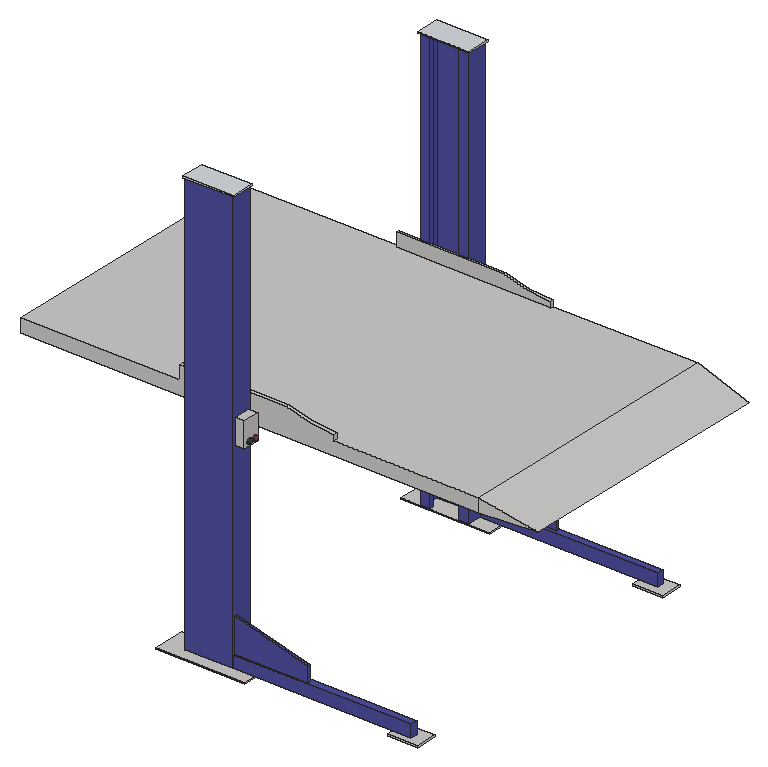
Revit family
Parameters (values of type "Tecnorampa clasica")
  URL = "www.tecnorampa.com.mx"
  Keynote = "Tecnorampa"
  Model = "Clasica"
  Manufacturer = "Tecnorampa"
  Description = "Modelo hecho por SAMURAIXA"
  Altura de rampa [instance] = 1.55 m
Reference planes (m)
  plane 1 "Centro (Frontal/Posterior)": y = 0
  plane 2: z = 0
  plane 3 "Centro (Izquierda/Derecha)": x = 0
  plane 4: z = 1.55
  plane 5: z = 1.95
Forms (m)
  Extrusion 1, solid, material "lamina de acero galvanizado"
    sketch origin (-0.117699, 0.2, 1.55) x (1, 0, 0) y (0, 1, 0)
      loop
        line (-1.557301, 0.8) -> (-1.557301, -1.2) -> (1.792699, -1.2) -> (2.192699, -1.16) -> (2.192699, 0.76) -> (1.792699, 0.8) -> (-1.557301, 0.8)
    from 0 to 0.2
  Extrusion 2, solid, material "lamina de acero azul"
    sketch origin (-0.329621, 0, 0) x (1, 0, 0) y (0, 1, 0)
      loop
        line (-0.020379, 1.15) -> (-0.020379, 1) -> (0.049621, 1) -> (0.049621, 1.025) -> (-0.000379, 1.025) -> (-0.000379, 1.125) -> (0.154621, 1.125) -> (0.309621, 1.125) -> (0.309621, 1.025) -> (0.259621, 1.025) -> (0.259621, 1) -> (0.329621, 1) -> (0.329621, 1.15) -> (-0.020379, 1.15)
    from 0.01 to 3.1
  Extrusion 3, solid
    sketch origin (0, -0.021181, 0) x (1, 0, 0) y (0, 1, 0)
      loop
        line (-0.36, 1.181181) -> (-0.36, 1.011181) -> (0.01, 1.011181) -> (0.01, 1.181181) -> (-0.36, 1.181181)
    from 3.1 to 3.11
  Extrusion 4, solid, material "lamina de acero galvanizado"
    sketch origin (0, 0, 0) x (1, 0, 0) y (0, 1, 0)
      loop
        line (0.156167, 1) -> (0.156167, 1.24) -> (-0.493833, 1.24) -> (-0.493833, 1) -> (0.156167, 1)
    from 0 to 0.01
  Extrusion 5, solid, material "lamina de acero azul"
    sketch origin (0, 0.044836, 0) x (1, 0, 0) y (0, 1, 0)
      loop
        line (0, 1.105164) -> (0, 1.054947) -> (1.3, 1.054947) -> (1.3, 1.105164) -> (0, 1.105164)
    from 0.01 to 0.1
  Extrusion 6, solid, material "lamina de acero azul"
    sketch origin (0, 0, 0) x (1, 0, 0) y (0, 0, 1)
      loop
        line (0, 0.1) -> (0.541477, 0.1) -> (0.541477, 0.212147) -> (0, 0.357235) -> (0, 0.1)
    from -1.141799 to -1.130795
  Extrusion 7, solid, material "lamina de acero galvanizado"
    sketch origin (0, 0, 0) x (1, 0, 0) y (0, 1, 0)
      loop
        line (1.166986, 1.198075) -> (1.166986, 1.038075) -> (1.386986, 1.038075) -> (1.386986, 1.198075) -> (1.166986, 1.198075)
    from 0 to 0.01
  Extrusion 8, solid, material "lamina de acero azul"
    sketch origin (-0.329621, 0, 0) x (1, 0, 0) y (0, 1, 0)
      loop
        line (-0.020379, -1.15) -> (0.329621, -1.15) -> (0.329621, -1) -> (0.259621, -1) -> (0.259621, -1.025) -> (0.309621, -1.025) -> (0.309621, -1.125) -> (0.154621, -1.125) -> (-0.000379, -1.125) -> (-0.000379, -1.025) -> (0.049621, -1.025) -> (0.049621, -1) -> (-0.020379, -1) -> (-0.020379, -1.15)
    from 0.01 to 3.1
  Extrusion 9, solid
    sketch origin (0, 0.021181, 0) x (1, 0, 0) y (0, 1, 0)
      loop
        line (-0.36, -1.181181) -> (0.01, -1.181181) -> (0.01, -1.011181) -> (-0.36, -1.011181) -> (-0.36, -1.181181)
    from 3.1 to 3.11
  Extrusion 10, solid, material "lamina de acero galvanizado"
    sketch origin (0, 0, 0) x (1, 0, 0) y (0, 1, 0)
      loop
        line (0.156167, -1) -> (-0.493833, -1) -> (-0.493833, -1.24) -> (0.156167, -1.24) -> (0.156167, -1)
    from 0 to 0.01
  Extrusion 11, solid, material "lamina de acero azul"
    sketch origin (0, -0.044836, 0) x (1, 0, 0) y (0, 1, 0)
      loop
        line (0, -1.105164) -> (1.3, -1.105164) -> (1.3, -1.054947) -> (0, -1.054947) -> (0, -1.105164)
    from 0.01 to 0.1
  Extrusion 12, solid, material "lamina de acero azul"
    sketch origin (0, 0, 0) x (1, 0, 0) y (0, 0, -1)
      loop
        line (0, -0.1) -> (0, -0.357235) -> (0.541477, -0.212147) -> (0.541477, -0.1) -> (0, -0.1)
    from -1.141799 to -1.130795
  Extrusion 13, solid, material "lamina de acero galvanizado"
    sketch origin (0, 0, 0) x (1, 0, 0) y (0, 1, 0)
      loop
        line (1.166986, -1.198075) -> (1.386986, -1.198075) -> (1.386986, -1.038075) -> (1.166986, -1.038075) -> (1.166986, -1.198075)
    from 0 to 0.01
  Extrusion 14, solid, material "lamina de acero galvanizado"
    sketch origin (0, -0.002153, 0) x (1, 0, 0) y (0, 1, 0)
      loop
        line (0, -1.013437) -> (0, -1.135275) -> (0.07, -1.135275) -> (0.07, -1.013437) -> (0, -1.013437)
    from 1.463786 to 1.64839
  Extrusion 15, solid, material "Plastico rojo"
    sketch origin (0, 0.012486, 0.333414) x (0, 1, 0) y (0, 0, 1)
      loop
        circle (-1.063152, 1.170035) r 0.015
    from 0.07 to 0.090244
  Extrusion 16, solid, material "Plastico negro"
    sketch origin (0, -0.038937, 0.334484) x (0, 1, 0) y (0, 0, 1)
      loop
        circle (-1.063152, 1.170035) r 0.015
    from 0.07 to 0.090244
  Extrusion 17, solid, material "lamina de acero galvanizado", not visible
    sketch origin (-0.117699, 0.2, 0) x (1, 0, 0) y (0, 1, 0)
      loop
        line (-1.557301, 0.8) -> (-1.557301, -1.2) -> (1.792699, -1.2) -> (2.192699, -1.16) -> (2.192699, 0.76) -> (1.792699, 0.8) -> (-1.557301, 0.8)
    from 0 to 0.2
  Extrusion 18, void, not visible
    sketch origin (0, 0, 0) x (1, 0, 0) y (0, 1, 0)
      loop
        line (-1.665, 0.99) -> (-1.665, -0.99) -> (1.674501, -0.99) -> (2.075, -0.94995) -> (2.075, 0.94995) -> (1.674501, 0.99) -> (-1.665, 0.99)
    from 0.1 to 0.023397
  Extrusion 19, void, not visible
    sketch origin (0, 0, 0) x (1, 0, 0) y (0, 0, 1)
      loop
        line (1.675, 0.1) -> (2.075, 0.022248) -> (2.075, 0.1) -> (1.675, 0.1)
    from -1 to 1
  Extrusion 20, void, not visible
    sketch origin (0, 0, 0) x (1, 0, 0) y (0, 0, 1)
      loop
        line (-0.45, 0.2) -> (-1.675, 0.2) -> (-1.675, 0.1) -> (-0.45, 0.1) -> (-0.45, 0.2)
    from -1 to 1
  Extrusion 21, void, not visible
    sketch origin (0, 0, 0) x (1, 0, 0) y (0, 0, 1)
      loop
        line (0.5, 0.1) -> (2.075, 0.1) -> (2.075, 0.2) -> (0.2, 0.2)
        arc (0.2, 0.2) -> (0.347194, 0.158164) -> (0.5, 0.15) r 0.685971
        line (0.5, 0.15) -> (0.5, 0.1)
    from -1 to 1
  Extrusion 22, void, not visible
    sketch origin (0, 0, 0) x (1, 0, 0) y (0, 1, 0)
      loop
        line (-0.45, 0.99) -> (-0.45, -0.986349) -> (0.5, -0.986349) -> (0.5, 0.99) -> (-0.45, 0.99)
    from 0.023397 to 0.2
  Extrusion 23, solid, material "lamina de acero galvanizado", not visible
    sketch origin (-0.117699, 0.2, 1.95) x (1, 0, 0) y (0, 1, 0)
      loop
        line (-1.557301, 0.8) -> (-1.557301, -1.2) -> (1.792699, -1.2) -> (2.192699, -1.16) -> (2.192699, 0.76) -> (1.792699, 0.8) -> (-1.557301, 0.8)
    from 0 to 0.2
  Extrusion 24, void
    sketch origin (0, 0, -0.4) x (1, 0, 0) y (0, 0, 1)
      loop
        line (-1.651412, 2.028756) -> (-1.651412, 1.95) -> (1.675, 1.95) -> (1.675, 2.028756) -> (-1.651412, 2.028756)
    from -0.973724 to 0.975341
  Extrusion 25, void, not visible
    sketch origin (0, 0, 0) x (1, 0, 0) y (0, 0, 1)
      loop
        line (-1.651412, 2.028756) -> (-1.651412, 1.95) -> (1.675, 1.95) -> (1.675, 2.028756) -> (-1.651412, 2.028756)
    from -0.973724 to 0.975341
  Extrusion 26, void
    sketch origin (0, 0, -0.4) x (1, 0, 0) y (0, 0, 1)
      loop
        line (-1.675, 2.05) -> (-0.51, 2.05) -> (-0.51, 2.15) -> (-1.675, 2.15) -> (-1.675, 2.05)
      loop
        arc (0.27, 2.15) -> (0.439701, 2.103908) -> (0.615, 2.09) r 0.946629
        line (0.615, 2.09) -> (0.615, 2.05) -> (2.075, 2.05) -> (2.075, 2.15) -> (0.27, 2.15)
    from -1 to 1
  Extrusion 27, void, not visible
    sketch origin (0, 0, 0) x (1, 0, 0) y (0, 0, 1)
      loop
        line (-1.675, 2.05) -> (-0.51, 2.05) -> (-0.51, 2.15) -> (-1.675, 2.15) -> (-1.675, 2.05)
      loop
        arc (0.27, 2.15) -> (0.439701, 2.103908) -> (0.615, 2.09) r 0.946629
        line (0.615, 2.09) -> (0.615, 2.05) -> (2.075, 2.05) -> (2.075, 2.15) -> (0.27, 2.15)
    from -1 to 1
  Extrusion 28, void
    sketch origin (0, 0, -0.4) x (1, 0, 0) y (0, 0, 1)
      loop
        line (-0.51, 2.05) -> (0.615, 2.05) -> (0.615, 2.09)
        arc (0.615, 2.09) -> (0.439701, 2.103908) -> (0.27, 2.15) r 0.946629
        line (0.27, 2.15) -> (-0.51, 2.15) -> (-0.51, 2.05)
    from -0.983453 to 0.975341
  Extrusion 29, void
    sketch origin (0, 0, -0.4) x (1, 0, 0) y (0, 0, 1)
      loop
        line (1.675, 2.05) -> (2.075, 1.95) -> (2.075, 2.05) -> (1.675, 2.05)
    from -1 to 1
  Extrusion 30, void, not visible
    sketch origin (0, 0, 0) x (1, 0, 0) y (0, 0, 1)
      loop
        line (-0.51, 2.05) -> (0.615, 2.05) -> (0.615, 2.09)
        arc (0.615, 2.09) -> (0.439701, 2.103908) -> (0.27, 2.15) r 0.946629
        line (0.27, 2.15) -> (-0.51, 2.15) -> (-0.51, 2.05)
    from -0.983453 to 0.975341
  Extrusion 31, void, not visible
    sketch origin (0, 0, 0) x (1, 0, 0) y (0, 0, 1)
      loop
        line (1.675, 2.05) -> (2.075, 1.95) -> (2.075, 2.05) -> (1.675, 2.05)
    from -1 to 1
  Extrusion 32, solid, material "lamina de acero azul", not visible
    sketch origin (-0.329621, 0, 0) x (1, 0, 0) y (0, 1, 0)
      loop
        line (-0.020379, 1.15) -> (-0.020379, 1) -> (0.049621, 1) -> (0.049621, 1.025) -> (-0.000379, 1.025) -> (-0.000379, 1.125) -> (0.154621, 1.125) -> (0.309621, 1.125) -> (0.309621, 1.025) -> (0.259621, 1.025) -> (0.259621, 1) -> (0.329621, 1) -> (0.329621, 1.15) -> (-0.020379, 1.15)
    from 0.01 to 3.1
  Extrusion 33, solid, not visible
    sketch origin (0, -0.021181, 0) x (1, 0, 0) y (0, 1, 0)
      loop
        line (-0.36, 1.181181) -> (-0.36, 1.011181) -> (0.01, 1.011181) -> (0.01, 1.181181) -> (-0.36, 1.181181)
    from 3.1 to 3.11
  Extrusion 34, solid, material "lamina de acero galvanizado", not visible
    sketch origin (0, 0, 0) x (1, 0, 0) y (0, 1, 0)
      loop
        line (0.156167, 1) -> (0.156167, 1.24) -> (-0.493833, 1.24) -> (-0.493833, 1) -> (0.156167, 1)
    from 0 to 0.01
  Extrusion 35, solid, material "lamina de acero azul", not visible
    sketch origin (0, 0.044836, 0) x (1, 0, 0) y (0, 1, 0)
      loop
        line (0, 1.105164) -> (0, 1.054947) -> (1.3, 1.054947) -> (1.3, 1.105164) -> (0, 1.105164)
    from 0.01 to 0.1
  Extrusion 36, solid, material "lamina de acero azul", not visible
    sketch origin (0, 0, 0) x (1, 0, 0) y (0, 0, 1)
      loop
        line (0, 0.1) -> (0.541477, 0.1) -> (0.541477, 0.212147) -> (0, 0.357235) -> (0, 0.1)
    from -1.141799 to -1.130795
  Extrusion 37, solid, material "lamina de acero galvanizado", not visible
    sketch origin (0, 0, 0) x (1, 0, 0) y (0, 1, 0)
      loop
        line (1.166986, 1.198075) -> (1.166986, 1.038075) -> (1.386986, 1.038075) -> (1.386986, 1.198075) -> (1.166986, 1.198075)
    from 0 to 0.01
  Extrusion 38, solid, material "lamina de acero azul", not visible
    sketch origin (-0.329621, 0, 0) x (1, 0, 0) y (0, 1, 0)
      loop
        line (-0.020379, -1.15) -> (0.329621, -1.15) -> (0.329621, -1) -> (0.259621, -1) -> (0.259621, -1.025) -> (0.309621, -1.025) -> (0.309621, -1.125) -> (0.154621, -1.125) -> (-0.000379, -1.125) -> (-0.000379, -1.025) -> (0.049621, -1.025) -> (0.049621, -1) -> (-0.020379, -1) -> (-0.020379, -1.15)
    from 0.01 to 3.1
  Extrusion 39, solid, not visible
    sketch origin (0, 0.021181, 0) x (1, 0, 0) y (0, 1, 0)
      loop
        line (-0.36, -1.181181) -> (0.01, -1.181181) -> (0.01, -1.011181) -> (-0.36, -1.011181) -> (-0.36, -1.181181)
    from 3.1 to 3.11
  Extrusion 40, solid, material "lamina de acero galvanizado", not visible
    sketch origin (0, 0, 0) x (1, 0, 0) y (0, 1, 0)
      loop
        line (0.156167, -1) -> (-0.493833, -1) -> (-0.493833, -1.24) -> (0.156167, -1.24) -> (0.156167, -1)
    from 0 to 0.01
  Extrusion 41, solid, material "lamina de acero azul", not visible
    sketch origin (0, -0.044836, 0) x (1, 0, 0) y (0, 1, 0)
      loop
        line (0, -1.105164) -> (1.3, -1.105164) -> (1.3, -1.054947) -> (0, -1.054947) -> (0, -1.105164)
    from 0.01 to 0.1
  Extrusion 42, solid, material "lamina de acero azul", not visible
    sketch origin (0, 0, 0) x (1, 0, 0) y (0, 0, -1)
      loop
        line (0, -0.1) -> (0, -0.357235) -> (0.541477, -0.212147) -> (0.541477, -0.1) -> (0, -0.1)
    from -1.141799 to -1.130795
  Extrusion 43, solid, material "lamina de acero galvanizado", not visible
    sketch origin (0, 0, 0) x (1, 0, 0) y (0, 1, 0)
      loop
        line (1.166986, -1.198075) -> (1.386986, -1.198075) -> (1.386986, -1.038075) -> (1.166986, -1.038075) -> (1.166986, -1.198075)
    from 0 to 0.01
  Extrusion 44, solid, material "lamina de acero galvanizado", not visible
    sketch origin (0, -0.002153, 0) x (1, 0, 0) y (0, 1, 0)
      loop
        line (0, -1.013437) -> (0, -1.135275) -> (0.07, -1.135275) -> (0.07, -1.013437) -> (0, -1.013437)
    from 1.463786 to 1.64839
  Extrusion 45, solid, material "Plastico rojo", not visible
    sketch origin (0, 0.012486, 0.333414) x (0, 1, 0) y (0, 0, 1)
      loop
        circle (-1.063152, 1.170035) r 0.015
    from 0.07 to 0.090244
  Extrusion 46, solid, material "Plastico negro", not visible
    sketch origin (0, -0.038937, 0.334484) x (0, 1, 0) y (0, 0, 1)
      loop
        circle (-1.063152, 1.170035) r 0.015
    from 0.07 to 0.090244
Cuts and joins
  Extrusion 24, Extrusion 26, Extrusion 28, Extrusion 29 cuts Extrusion 1
Dimensions and locks (m)
  "Altura de rampa": plane 4 to level
  aligned and locked: level to plane 2
Automatic sketch dimensions
  Extrusion 17 sketch curve to Extrusion 17 sketch curve = 0.4 m  (x2)
  Extrusion 17 sketch curve to Extrusion 17 sketch curve = 0.04 m  (x2)
  Extrusion 18 sketch curve to Extrusion 18 sketch curve = 0.400499 m  (x2)
  Extrusion 19 sketch curve to Extrusion 19 sketch curve = 0.4 m
  Extrusion 21 sketch curve to Extrusion 21 sketch curve = 0.3 m
  Extrusion 21 sketch curve to Extrusion 21 sketch curve = 1.575 m
  Extrusion 21 sketch curve to Extrusion 21 sketch curve = 0.1 m
  Extrusion 17 sketch curve to Extrusion 17 sketch curve = 3.35 m
  Extrusion 17 sketch curve to Extrusion 17 sketch curve = 1.92 m
  Extrusion 18 sketch curve to Extrusion 18 sketch curve = 3.339501 m
  Extrusion 18 sketch curve to Extrusion 18 sketch curve = 0.04005 m
  Extrusion 18 sketch curve to Extrusion 18 sketch curve = 1.8999 m
  Extrusion 18 sketch curve to Extrusion 18 sketch curve = 1.98 m
  Extrusion 19 sketch curve to Extrusion 19 sketch curve = 0.077752 m
  Extrusion 20 sketch curve to Extrusion 20 sketch curve = 1.225 m
  Extrusion 20 sketch curve to Extrusion 20 sketch curve = 0.1 m
  Extrusion 21 sketch curve to Extrusion 21 sketch curve = 0.040033 m
  Extrusion 21 sketch curve to Extrusion 21 sketch curve = 0.05 m
  Extrusion 22 sketch curve to Extrusion 22 sketch curve = 0.95 m
  Extrusion 22 sketch curve to Extrusion 22 sketch curve = 1.976349 m
  Extrusion 1 sketch curve to Extrusion 1 sketch curve = 3.35 m
  Extrusion 1 sketch curve to Extrusion 1 sketch curve = 0 m
  Extrusion 1 sketch curve to Extrusion 1 sketch curve = 0.4 m
  Extrusion 1 sketch curve to Extrusion 1 sketch curve = 0.04 m  (x2)
  Extrusion 1 sketch curve to Extrusion 1 sketch curve = 1.92 m
  Extrusion 2 sketch curve to Extrusion 2 sketch curve = 0.05 m  (x2)
  Extrusion 2 sketch curve to Extrusion 2 sketch curve = 0.105 m  (x2)
  Extrusion 2 sketch curve to Extrusion 2 sketch curve = 0.02 m  (x2)
  Extrusion 2 sketch curve to Extrusion 2 sketch curve = 0 m
  Extrusion 2 sketch curve to Extrusion 2 sketch curve = 0.025 m  (x3)
  Extrusion 2 sketch curve to Extrusion 2 sketch curve = 0.1 m
  Extrusion 3 sketch curve to Extrusion 3 sketch curve = 0.17 m
  Extrusion 4 sketch curve to Extrusion 4 sketch curve = 0.24 m
  Extrusion 5 sketch curve to Extrusion 5 sketch curve = 0.050217 m
  Extrusion 6 sketch curve to Extrusion 6 sketch curve = 0.112147 m
  Extrusion 6 sketch curve to Extrusion 6 sketch curve = 0.257235 m
  Extrusion 7 sketch curve to Extrusion 7 sketch curve = 0.22 m
  Extrusion 7 sketch curve to Extrusion 7 sketch curve = 0.16 m
  Extrusion 8 sketch curve to Extrusion 8 sketch curve = 0.05 m  (x2)
  Extrusion 8 sketch curve to Extrusion 8 sketch curve = 0.105 m  (x2)
  Extrusion 8 sketch curve to Extrusion 8 sketch curve = 0.02 m  (x2)
  Extrusion 8 sketch curve to Extrusion 8 sketch curve = 0 m
  Extrusion 8 sketch curve to Extrusion 8 sketch curve = 0.025 m  (x3)
  Extrusion 8 sketch curve to Extrusion 8 sketch curve = 0.1 m
  Extrusion 9 sketch curve to Extrusion 9 sketch curve = 0.17 m
  Extrusion 10 sketch curve to Extrusion 10 sketch curve = 0.24 m
  Extrusion 11 sketch curve to Extrusion 11 sketch curve = 0.050217 m
  Extrusion 12 sketch curve to Extrusion 12 sketch curve = 0.112147 m
  Extrusion 12 sketch curve to Extrusion 12 sketch curve = 0.257235 m
  Extrusion 13 sketch curve to Extrusion 13 sketch curve = 0.22 m
  Extrusion 13 sketch curve to Extrusion 13 sketch curve = 0.16 m
  Extrusion 14 sketch curve to Extrusion 14 sketch curve = 0.121837 m
  Extrusion 24 sketch curve to plane 4 = 0 m
  Extrusion 24 sketch curve to Extrusion 24 sketch curve = 3.326412 m
  Extrusion 24 sketch curve to Extrusion 24 sketch curve = 0.078756 m
  Extrusion 23 sketch curve to Extrusion 23 sketch curve = 3.35 m
  Extrusion 23 sketch curve to Extrusion 23 sketch curve = 0 m
  Extrusion 23 sketch curve to Extrusion 23 sketch curve = 0.4 m
  Extrusion 23 sketch curve to Extrusion 23 sketch curve = 0.04 m  (x2)
  Extrusion 23 sketch curve to Extrusion 23 sketch curve = 1.92 m
  Extrusion 25 sketch curve to plane 5 = 0 m
  Extrusion 25 sketch curve to Extrusion 25 sketch curve = 3.326412 m
  Extrusion 25 sketch curve to Extrusion 25 sketch curve = 0.078756 m
  Extrusion 26 sketch curve to plane 4 = 0.1 m
  Extrusion 26 sketch curve to plane 4 = 0.2 m  (x2)
  Extrusion 26 sketch curve to plane 4 = 0.14 m
  Extrusion 26 sketch curve to Extrusion 26 sketch curve = 0.345 m
  Extrusion 26 sketch curve to Extrusion 26 sketch curve = 1.46 m
  Extrusion 26 sketch curve to Extrusion 26 sketch curve = 0.04 m
  Extrusion 26 sketch curve to Extrusion 26 sketch curve = 1.165 m
  Extrusion 26 sketch curve to Extrusion 26 sketch curve = 0.78 m
  Extrusion 26 sketch curve to Extrusion 26 sketch curve = 0.331898 m
  Extrusion 27 sketch curve to Extrusion 27 sketch curve = 1.165 m
  Extrusion 27 sketch curve to Extrusion 27 sketch curve = 0.78 m
  Extrusion 27 sketch curve to Extrusion 27 sketch curve = 0.331898 m
  Extrusion 28 sketch curve to plane 4 = 0.1 m
  Extrusion 28 sketch curve to Extrusion 28 sketch curve = 0.04 m
  Extrusion 28 sketch curve to Extrusion 28 sketch curve = 0.06 m
  Extrusion 29 sketch curve to plane 4 = 0 m
  Extrusion 29 sketch curve to plane 4 = 0.1 m
  Extrusion 29 sketch curve to Extrusion 29 sketch curve = 0.4 m
  Extrusion 28 sketch curve to Extrusion 28 sketch curve = 0.78 m
  Extrusion 28 sketch curve to Extrusion 28 sketch curve = 0.331898 m
  Extrusion 28 sketch curve to Extrusion 28 sketch curve = 0.345 m
  Extrusion 30 sketch curve to Extrusion 30 sketch curve = 0.78 m
  Extrusion 30 sketch curve to Extrusion 30 sketch curve = 0.331898 m
  Extrusion 30 sketch curve to Extrusion 30 sketch curve = 0.345 m
  Extrusion 3 sketch curve to Extrusion 3 sketch curve = 0.37 m
  Extrusion 4 sketch curve to Extrusion 4 sketch curve = 0.65 m
  Extrusion 5 sketch curve to Extrusion 5 sketch curve = 1.3 m
  Extrusion 6 sketch curve to Extrusion 6 sketch curve = 0.541477 m
  Extrusion 9 sketch curve to Extrusion 9 sketch curve = 0.37 m
  Extrusion 10 sketch curve to Extrusion 10 sketch curve = 0.65 m
  Extrusion 11 sketch curve to Extrusion 11 sketch curve = 1.3 m
  Extrusion 12 sketch curve to Extrusion 12 sketch curve = 0.541477 m
  Extrusion 14 sketch curve to Extrusion 14 sketch curve = 0.07 m
  Extrusion 32 sketch curve to Extrusion 32 sketch curve = 0.05 m  (x2)
  Extrusion 32 sketch curve to Extrusion 32 sketch curve = 0.105 m  (x2)
  Extrusion 32 sketch curve to Extrusion 32 sketch curve = 0.02 m  (x2)
  Extrusion 32 sketch curve to Extrusion 32 sketch curve = 0 m
  Extrusion 32 sketch curve to Extrusion 32 sketch curve = 0.025 m  (x3)
  Extrusion 32 sketch curve to Extrusion 32 sketch curve = 0.1 m
  Extrusion 33 sketch curve to Extrusion 33 sketch curve = 0.17 m
  Extrusion 34 sketch curve to Extrusion 34 sketch curve = 0.24 m
  Extrusion 35 sketch curve to Extrusion 35 sketch curve = 0.050217 m
  Extrusion 36 sketch curve to Extrusion 36 sketch curve = 0.112147 m
  Extrusion 36 sketch curve to Extrusion 36 sketch curve = 0.257235 m
  Extrusion 37 sketch curve to Extrusion 37 sketch curve = 0.22 m
  Extrusion 37 sketch curve to Extrusion 37 sketch curve = 0.16 m
  Extrusion 38 sketch curve to Extrusion 38 sketch curve = 0.05 m  (x2)
  Extrusion 38 sketch curve to Extrusion 38 sketch curve = 0.105 m  (x2)
  Extrusion 38 sketch curve to Extrusion 38 sketch curve = 0.02 m  (x2)
  Extrusion 38 sketch curve to Extrusion 38 sketch curve = 0 m
  Extrusion 38 sketch curve to Extrusion 38 sketch curve = 0.025 m  (x3)
  Extrusion 38 sketch curve to Extrusion 38 sketch curve = 0.1 m
  Extrusion 39 sketch curve to Extrusion 39 sketch curve = 0.17 m
  Extrusion 40 sketch curve to Extrusion 40 sketch curve = 0.24 m
  Extrusion 41 sketch curve to Extrusion 41 sketch curve = 0.050217 m
  Extrusion 42 sketch curve to Extrusion 42 sketch curve = 0.112147 m
  Extrusion 42 sketch curve to Extrusion 42 sketch curve = 0.257235 m
  Extrusion 43 sketch curve to Extrusion 43 sketch curve = 0.22 m
  Extrusion 43 sketch curve to Extrusion 43 sketch curve = 0.16 m
  Extrusion 44 sketch curve to Extrusion 44 sketch curve = 0.121837 m
  Extrusion 33 sketch curve to Extrusion 33 sketch curve = 0.37 m
  Extrusion 34 sketch curve to Extrusion 34 sketch curve = 0.65 m
  Extrusion 35 sketch curve to Extrusion 35 sketch curve = 1.3 m
  Extrusion 36 sketch curve to Extrusion 36 sketch curve = 0.541477 m
  Extrusion 39 sketch curve to Extrusion 39 sketch curve = 0.37 m
  Extrusion 40 sketch curve to Extrusion 40 sketch curve = 0.65 m
  Extrusion 41 sketch curve to Extrusion 41 sketch curve = 1.3 m
  Extrusion 42 sketch curve to Extrusion 42 sketch curve = 0.541477 m
  Extrusion 44 sketch curve to Extrusion 44 sketch curve = 0.07 m
  radius of Extrusion 15 sketch curve = 0.015 m
  radius of Extrusion 16 sketch curve = 0.015 m
  radius of Extrusion 45 sketch curve = 0.015 m
  radius of Extrusion 46 sketch curve = 0.015 m
